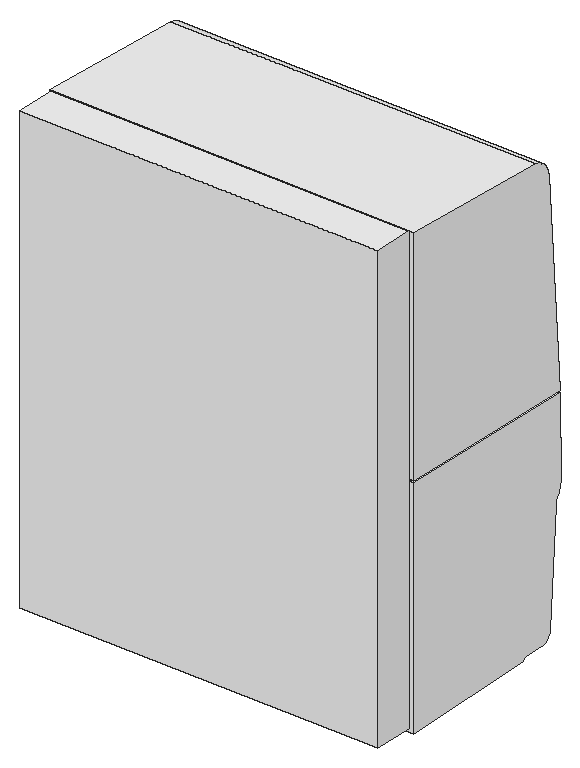
Revit family "Towel dispenser_CWS_Heavy duty", category Plumbing Fixtures, host Wall, Revit 2014
Parameters (values of type "Plastic - IL_Heavy_Duty - CWS")
  Youtube clip = "https://www.youtube.com/watch?v=bXtK16A70kk"
  Width = 387.3 mm
  Weight Net (Kg) = 7.4
  Uniclass 2.0 Description = "Sanitary Dispensing And Disposal Units"
  Uniclass 2.0 Code = "PR-31-76"
  Uniclass 1.4 Description = "Sanitary appliances/fittings"
  Uniclass 1.4 Code = "JN13"
  URL = "http://cws-boco.ie/en-IE/node/16715"
  UNSPSC name = "Sanitary ware"
  UNSPSC Code = "301815"
  Technical description = ""
  Region South America = "None"
  Region Oceania = "None"
  Region North America = "None"
  Region Middle East = "None"
  Region Europe = "AT, BE, BG, CH, CZ, DE, HR, HU, IE, IT, LI, LU, NL, PL, RO, SE, SI, SK, VA"
  Region Asia = "CN"
  Region Antarctica = "None"
  Region Africa = "None"
  QR code = "http://bimobject.com/cws-boco/product/102000"
  Product group = "Cotton towel dispenser"
  Product family = "CWS IndustryLine"
  Product data url = "http://bimobject.com/cws-boco/product/102000"
  Product certification = "http://www.cws-boco.de/sites/default/files/product/attachment/068w0000002GxKtAAK_1439286774.pdf"
  Product SKU = "102000"
  Product Guid = "b46cc673-2084-4b95-b05e-c9a4dcd23b0c"
  Nominal width = 387
  Nominal height = 476
  NBS Reference Description = "Sanitary Dispensing And Disposal Units"
  NBS Reference Code = "31-76"
  Material = Plastic - IL_Heavy_Duty - CWS
  Manufacturer url = "http://cws-boco.ie/en-IE/"
  Manufacturer name = "CWS-boco"
  Manufacturer country = "Switzerland"
  Installation instructions = ""
  IFC Classification = "Furniture"
  Height = 476.1 mm
  Edition number = 1
  EAN code = "4049657003534"
  Design country = "Switzerland"
  Description = "Heavy Duty cotton towel dispenser for a cotton towel roll measuring 40 × 0.27 m with 30 cm towel feed. Plastic gears with automatic dosing and uncoupling systems and backstop. White-red fill-level display on the front. Housing made of impact-proof, anti-static plastic, with lock. Rounded edges ensure no risk of injury. Comes complete with fastening materials, delivery and installation, without cotton towel roll (available to rent on subscription).\r\n\r\nDispenser:\r\nHeavy Duty: 102000\r\n\r\nCotton towel rolls:\r\nUniversal white: 151000, Universal blue: 152000"
  Deapth = 259 mm
  Date of publishing = "2015-09-17"
  COBIe Type Category = ""
  BIMobject category = "Dispensers"
Reference planes
  plane 1 "Wall": y = 0
  plane 2 "Center (Left/Right)": x = 125
  plane 3 "Back": y = 75
Text (mm)
  text "Placement Side" at (-1848.837, 1116.779, 0), in view "Ref. Level"
  text "Placement side" at (0, 1409.804, 2854.306), in view "Left"
  text "Placement side" at (0, 499.811, 2980.732), in view "Right"
Dimensions and locks
  locked: plane 3 "Back" to host wall
  aligned and locked: plane 1 "Wall" to host wall
Nested families
  nested 1: "PB-102000-IL_Heavy_Duty-C" at (0, 0, 0), type "Plastic - IL_Heavy_Duty - CWS"
Definition of nested family "PB-102000-IL_Heavy_Duty-C"
  Parameters (values of type "Plastic - IL_Heavy_Duty - CWS")
    Width = 387.3 mm
    Material Main = Plastic - IL_Heavy_Duty - CWS
    Material = Plastic - IL_Heavy_Duty - CWS
    Logo Material = Logo Material
    Height = 476.1 mm
    Deapth = 259 mm
  Reference planes
    plane 1 "Wall": y = 0
    plane 2 "Center (Left/Right)": x = 125
    plane 3 "Back": y = 75
    plane 4: x = 318.65
    plane 5: x = -68.65
    plane 6: y = 334
    plane 7: z = 476.53
    plane 8: z = 0.43
    plane 9: y = 117.007
    plane 10: x = 125
    plane 11: x = 318.65
    plane 12: x = -68.65
    plane 13: y = 334
    plane 14: z = 476.53
    plane 15: z = 0.43
    plane 16: y = 117.007
  Forms (mm)
    Extrusion 1, solid, material "Plastic - IL_Heavy_Duty - CWS" <- "Material", detail levels medium+fine
      sketch origin (125, 0, -373.083) x (0, 1, 0) y (0, 0, 1)
        loop
          line (117.007, 848.977) -> (117.007, 372.1) -> (261.912, 377.161)
          arc (261.912, 377.161) -> (263.517, 379.289) -> (266.057, 380.097) r 4.394
          line (266.057, 380.097) -> (286.336, 380.097)
          arc (286.336, 380.097) -> (294.082, 383.148) -> (297.666, 390.663) r 11.358
          line (297.666, 390.663) -> (305.804, 507.029)
          arc (305.804, 507.029) -> (306.227, 510.059) -> (307.066, 513.001) r 22.109
          arc (307.066, 513.001) -> (310.747, 519.642) -> (312.196, 527.096) r 24.271
          line (312.196, 527.096) -> (310.699, 611.266) -> (308.827, 611.266) -> (308.827, 613.249) -> (310.787, 613.774) -> (296.363, 825.604)
          arc (296.363, 825.604) -> (290.93, 837.683) -> (278.939, 843.308) r 19.067
          arc (278.939, 843.308) -> (198.042, 848.125) -> (117.007, 848.977) r 1656.077
      from -193.65 to 193.65
    Extrusion 2, solid, material "Plastic - IL_Heavy_Duty - CWS" <- "Material", detail levels fine
      sketch origin (125, 0, -357.458) x (0, 1, 0) y (0, 0, 1)
        loop
          line (307.549, 546.212) -> (317.706, 556.96)
          arc (317.706, 556.96) -> (319.02, 560.828) -> (322.418, 563.095) r 6.35
          line (322.418, 563.095) -> (329.703, 566.077)
          arc (329.703, 566.077) -> (332.929, 569.219) -> (332.601, 573.71) r 5.334
          arc (332.601, 573.71) -> (321.394, 593.446) -> (309.882, 613.007) r 1465.122
          line (309.882, 613.007) -> (307.549, 546.212)
      from 147.961 to -148.26
    Extrusion 3, void
      sketch origin (0, 0, -355.583) x (1, 0, 0) y (0, 1, 0)
        loop
          arc (227.337, 337.638) -> (249.46, 322.714) -> (274.937, 314.775) r 91.906
          line (274.937, 314.775) -> (280.254, 314.775) -> (280.254, 337.638) -> (227.337, 337.638)
      from 541.644 to 621.565
    Extrusion 4, void
      sketch origin (250, 0, -355.583) x (-1, 0, 0) y (0, -1, 0)
        loop
          line (227.337, -337.638) -> (280.254, -337.638) -> (280.254, -314.775) -> (274.937, -314.775)
          arc (274.937, -314.775) -> (249.46, -322.714) -> (227.337, -337.638) r 91.906
      from 541.644 to 621.565
    Extrusion 5, solid, material "Plastic - IL_Heavy_Duty - CWS" <- "Material", detail levels medium+fine
      sketch origin (0, 0, -373.083) x (1, 0, 0) y (0, 1, 0)
        loop
          line (-66.289, 75) -> (313.789, 75) -> (313.789, 117.007) -> (-66.289, 117.007) -> (-66.289, 75)
      from 374.888 to 848.977
    Extrusion 6, void
      sketch origin (125, 0, -373.083) x (0, 1, 0) y (0, 0, 1)
        loop
          line (117.007, 475.318) -> (117.007, 355.583) -> (216.741, 355.583) -> (216.741, 375.583)
          arc (216.741, 375.583) -> (146.218, 404.795) -> (117.007, 475.318) r 99.735
      from -170.72 to 173.858
    Blend 7, solid, material "Plastic - IL_Heavy_Duty - CWS" <- "Material", detail levels fine
      base sketch origin (-1.25, 75, -356.833) x (1, 0, 0) y (0, 0, 1)
        loop
          line (147.141, 556.96) -> (104.983, 556.96) -> (104.983, 529.011)
          arc (104.983, 529.011) -> (107.912, 521.94) -> (114.983, 519.011) r 10
          line (114.983, 519.011) -> (137.141, 519.011)
          arc (137.141, 519.011) -> (144.212, 521.94) -> (147.141, 529.011) r 10
          line (147.141, 529.011) -> (147.141, 556.96)
      top sketch origin (-1.25, 75, -356.833) x (1, 0, 0) y (0, 0, 1)
        loop
          line (137.141, 556.96) -> (114.983, 556.96) -> (114.983, 534.011)
          arc (114.983, 534.011) -> (116.448, 530.476) -> (119.983, 529.011) r 5
          line (119.983, 529.011) -> (132.141, 529.011)
          arc (132.141, 529.011) -> (135.676, 530.476) -> (137.141, 534.011) r 5
          line (137.141, 534.011) -> (137.141, 556.96)
      from -233.827 to -242.796
    Extrusion 8, solid, material "Plastic - IL_Heavy_Duty - CWS" <- "Material", detail levels fine
      sketch origin (0, 75, -355.583) x (1, 0, 0) y (0, 0, 1)
        loop
          circle (124.299, 545.731) r 9.422
      from -233.827 to -245.551
    Extrusion 9, void, detail levels fine
      sketch origin (0, 0, -355.583) x (1, 0, 0) y (0, 0, 1)
        loop
          line (123.606, 547.692) -> (123.606, 543.92) -> (125.859, 543.857) -> (125.891, 546.34) -> (125.818, 547.737) -> (125.274, 549.766) -> (123.691, 549.76) -> (123.939, 548.797) -> (123.606, 547.692)
      from -308.827 to -334
    Extrusion 10, void
      sketch origin (125, 0, 1.805) x (0, 1, 0) y (0, 0, 1)
        loop
          line (308.827, 238.361) -> (117, 238.361) -> (117, 236.378) -> (308.827, 236.378) -> (308.827, 238.361)
      from 188.789 to 193.65
    Extrusion 11, void
      sketch origin (125, 0, 1.805) x (0, 1, 0) y (0, 0, -1)
        loop
          line (308.827, -238.361) -> (308.827, -236.378) -> (117, -236.378) -> (117, -238.361) -> (308.827, -238.361)
      from 188.789 to 193.65
    Extrusion 12, solid, material "Plastic - IL_Heavy_Duty - CWS" <- "Material", detail levels coarse
      sketch origin (0, 0, 0) x (1, 0, 0) y (0, 1, 0)
        loop
          line (-68.65, 334) -> (-68.65, 75) -> (318.65, 75) -> (318.65, 334) -> (-68.65, 334)
      from 0 to 476.53
    Extrusion 13, solid, material "Logo Material" <- "Logo Material", detail levels fine
      sketch origin (-1.25, 75, 60) x (1, 0, 0) y (0, 0, 1)
        loop
          line (143.961, 322.614) -> (143.961, 317.614) -> (165.708, 317.614)
          arc (165.708, 317.614) -> (169.642, 313.68) -> (165.708, 309.747) r 3.934
          line (165.708, 309.747) -> (144.199, 309.747) -> (144.199, 304.873) -> (165.76, 304.873)
          arc (165.76, 304.873) -> (174.631, 313.744) -> (165.76, 322.614) r 8.87
          line (165.76, 322.614) -> (143.961, 322.614)
        loop
          line (142.291, 322.614) -> (136.696, 322.614) -> (136.696, 311.412) -> (126.25, 322.614) -> (119.034, 322.614) -> (119.034, 312.612) -> (109.707, 322.614) -> (102.647, 322.614) -> (117.534, 304.873) -> (124.835, 304.873) -> (124.835, 315.844) -> (135.065, 304.873) -> (142.291, 304.873) -> (142.291, 322.614)
        loop
          line (73.621, 322.614) -> (73.621, 317.614) -> (97.859, 317.614)
          arc (97.859, 317.614) -> (98.811, 316.662) -> (97.859, 315.71) r 0.952
          line (97.859, 315.71) -> (78.377, 315.71)
          arc (78.377, 315.71) -> (72.959, 310.291) -> (78.377, 304.873) r 5.418
          line (78.377, 304.873) -> (103.559, 304.873) -> (103.559, 309.638) -> (79.218, 309.638)
          arc (79.218, 309.638) -> (78.496, 310.359) -> (79.218, 311.081) r 0.721
          line (79.218, 311.081) -> (98.884, 311.081)
          arc (98.884, 311.081) -> (104.651, 316.847) -> (98.884, 322.614) r 5.767
          line (98.884, 322.614) -> (73.621, 322.614)
      from -229.932 to -221.389
    Extrusion 14, void, detail levels fine
      sketch origin (125, 0, 0) x (0, 1, 0) y (0, 0, 1)
        loop
          line (304.492, 340.494) -> (307.233, 340.494) -> (307.233, 387.506) -> (301.291, 387.506) -> (304.492, 340.494)
      from -57.459 to 56.875
    Extrusion 15, solid, material "Plastic - IL_Heavy_Duty - CWS" <- "Material", not visible, detail levels medium+fine
      sketch origin (125, 0, -373.083) x (0, 1, 0) y (0, 0, 1)
        loop
          line (117.007, 848.977) -> (117.007, 372.1) -> (261.912, 377.161)
          arc (261.912, 377.161) -> (263.517, 379.289) -> (266.057, 380.097) r 4.394
          line (266.057, 380.097) -> (286.336, 380.097)
          arc (286.336, 380.097) -> (294.082, 383.148) -> (297.666, 390.663) r 11.358
          line (297.666, 390.663) -> (305.804, 507.029)
          arc (305.804, 507.029) -> (306.227, 510.059) -> (307.066, 513.001) r 22.109
          arc (307.066, 513.001) -> (310.747, 519.642) -> (312.196, 527.096) r 24.271
          line (312.196, 527.096) -> (310.699, 611.266) -> (308.827, 611.266) -> (308.827, 613.249) -> (310.787, 613.774) -> (296.363, 825.604)
          arc (296.363, 825.604) -> (290.93, 837.683) -> (278.939, 843.308) r 19.067
          arc (278.939, 843.308) -> (198.042, 848.125) -> (117.007, 848.977) r 1656.077
      from -193.65 to 193.65
    Extrusion 16, solid, material "Plastic - IL_Heavy_Duty - CWS" <- "Material", not visible, detail levels medium+fine
      sketch origin (125, 0, -357.458) x (0, 1, 0) y (0, 0, 1)
        loop
          line (307.549, 546.212) -> (317.706, 556.96)
          arc (317.706, 556.96) -> (319.02, 560.828) -> (322.418, 563.095) r 6.35
          line (322.418, 563.095) -> (329.703, 566.077)
          arc (329.703, 566.077) -> (332.929, 569.219) -> (332.601, 573.71) r 5.334
          arc (332.601, 573.71) -> (321.394, 593.446) -> (309.882, 613.007) r 1465.122
          line (309.882, 613.007) -> (307.549, 546.212)
      from 147.961 to -148.26
    Extrusion 17, void, not visible
      sketch origin (0, 0, -355.583) x (1, 0, 0) y (0, 1, 0)
        loop
          arc (227.337, 337.638) -> (249.46, 322.714) -> (274.937, 314.775) r 91.906
          line (274.937, 314.775) -> (280.254, 314.775) -> (280.254, 337.638) -> (227.337, 337.638)
      from 541.644 to 621.565
    Extrusion 18, void, not visible
      sketch origin (250, 0, -355.583) x (-1, 0, 0) y (0, -1, 0)
        loop
          line (227.337, -337.638) -> (280.254, -337.638) -> (280.254, -314.775) -> (274.937, -314.775)
          arc (274.937, -314.775) -> (249.46, -322.714) -> (227.337, -337.638) r 91.906
      from 541.644 to 621.565
    Extrusion 19, solid, material "Plastic - IL_Heavy_Duty - CWS" <- "Material", not visible, detail levels medium+fine
      sketch origin (0, 0, -373.083) x (1, 0, 0) y (0, 1, 0)
        loop
          line (-66.289, 75) -> (313.789, 75) -> (313.789, 117.007) -> (-66.289, 117.007) -> (-66.289, 75)
      from 374.888 to 848.977
    Extrusion 20, void, not visible
      sketch origin (125, 0, -373.083) x (0, 1, 0) y (0, 0, 1)
        loop
          line (117.007, 475.318) -> (117.007, 355.583) -> (216.741, 355.583) -> (216.741, 375.583)
          arc (216.741, 375.583) -> (146.218, 404.795) -> (117.007, 475.318) r 99.735
      from -170.72 to 173.858
    Blend 21, solid, material "Plastic - IL_Heavy_Duty - CWS" <- "Material", not visible, detail levels medium+fine
      base sketch origin (-1.25, 75, -356.833) x (1, 0, 0) y (0, 0, 1)
        loop
          line (147.141, 556.96) -> (104.983, 556.96) -> (104.983, 529.011)
          arc (104.983, 529.011) -> (107.912, 521.94) -> (114.983, 519.011) r 10
          line (114.983, 519.011) -> (137.141, 519.011)
          arc (137.141, 519.011) -> (144.212, 521.94) -> (147.141, 529.011) r 10
          line (147.141, 529.011) -> (147.141, 556.96)
      top sketch origin (-1.25, 75, -356.833) x (1, 0, 0) y (0, 0, 1)
        loop
          line (137.141, 556.96) -> (114.983, 556.96) -> (114.983, 534.011)
          arc (114.983, 534.011) -> (116.448, 530.476) -> (119.983, 529.011) r 5
          line (119.983, 529.011) -> (132.141, 529.011)
          arc (132.141, 529.011) -> (135.676, 530.476) -> (137.141, 534.011) r 5
          line (137.141, 534.011) -> (137.141, 556.96)
      from -233.827 to -242.796
    Extrusion 22, solid, material "Plastic - IL_Heavy_Duty - CWS" <- "Material", not visible, detail levels medium+fine
      sketch origin (0, 75, -355.583) x (1, 0, 0) y (0, 0, 1)
        loop
          circle (124.299, 545.731) r 9.422
      from -233.827 to -245.551
    Extrusion 23, void, not visible
      sketch origin (0, 0, -355.583) x (1, 0, 0) y (0, 0, 1)
        loop
          line (123.606, 547.692) -> (123.606, 543.92) -> (125.859, 543.857) -> (125.891, 546.34) -> (125.818, 547.737) -> (125.274, 549.766) -> (123.691, 549.76) -> (123.939, 548.797) -> (123.606, 547.692)
      from -308.827 to -334
    Extrusion 24, void, not visible
      sketch origin (125, 0, 1.805) x (0, 1, 0) y (0, 0, 1)
        loop
          line (308.827, 238.361) -> (117, 238.361) -> (117, 236.378) -> (308.827, 236.378) -> (308.827, 238.361)
      from 188.789 to 193.65
    Extrusion 25, void, not visible
      sketch origin (125, 0, 1.805) x (0, 1, 0) y (0, 0, -1)
        loop
          line (308.827, -238.361) -> (308.827, -236.378) -> (117, -236.378) -> (117, -238.361) -> (308.827, -238.361)
      from 188.789 to 193.65
    Extrusion 26, solid, material "Plastic - IL_Heavy_Duty - CWS" <- "Material", not visible, detail levels coarse
      sketch origin (0, 0, 0) x (1, 0, 0) y (0, 1, 0)
        loop
          line (-68.65, 334) -> (-68.65, 75) -> (318.65, 75) -> (318.65, 334) -> (-68.65, 334)
      from 0 to 476.53
    Extrusion 27, solid, material "Plastic - IL_Heavy_Duty - CWS" <- "Material Main", not visible, detail levels medium+fine
      sketch origin (-1.25, 75, 60) x (1, 0, 0) y (0, 0, 1)
        loop
          line (96.71, 303.688) -> (96.71, 300.123) -> (103.426, 300.123) -> (104.508, 299.833)
          arc (104.508, 299.833) -> (105.239, 299.102) -> (104.971, 298.102) r 1.035
          line (104.971, 298.102) -> (102.557, 295.688) -> (98.276, 294.297) -> (96.043, 292.287) -> (95.511, 290.301)
          arc (95.511, 290.301) -> (95.361, 289.073) -> (95.554, 287.85) r 4.447
          line (95.554, 287.85) -> (96.157, 285.879) -> (98.855, 283.694) -> (103.103, 283.097) -> (111.086, 283.097) -> (111.086, 286.522) -> (103.095, 286.522) -> (101.452, 286.962)
          arc (101.452, 286.962) -> (99.773, 289.151) -> (101.452, 291.339) r 2.266
          line (101.452, 291.339) -> (104.076, 292.042) -> (106.491, 293.067)
          arc (106.491, 293.067) -> (109.737, 298.577) -> (105.417, 303.292) r 5.376
          line (105.417, 303.292) -> (103.383, 303.688) -> (96.71, 303.688)
        loop
          line (139.716, 296.434) -> (143.784, 296.434)
          arc (143.784, 296.434) -> (154.535, 293.748) -> (143.784, 291.062) r 5.711
          line (143.784, 291.062) -> (139.716, 291.062)
          arc (139.716, 291.062) -> (158.802, 293.748) -> (139.716, 296.434) r 9.732
        loop
          line (138.595, 303.305) -> (134.675, 303.305) -> (131.424, 290.266) -> (127.93, 303.305) -> (122.93, 303.305) -> (119.311, 288.793) -> (116.491, 303.305) -> (112.301, 303.305) -> (117.66, 283.305) -> (121.698, 283.305) -> (125.173, 297.242) -> (129.473, 283.305) -> (133.609, 283.305) -> (138.595, 303.305)
      from -229.932 to -221.389
    Extrusion 28, void, not visible
      sketch origin (125, 0, 0) x (0, 1, 0) y (0, 0, 1)
        loop
          line (304.492, 340.494) -> (307.233, 340.494) -> (307.233, 366.379) -> (302.73, 366.379) -> (304.492, 340.494)
      from -34.415 to 40.827
    Extrusion 29, solid, material "Plastic - IL_Heavy_Duty - CWS" <- "Material", not visible, detail levels medium+fine
      sketch origin (125, 0, -373.083) x (0, 1, 0) y (0, 0, 1)
        loop
          line (117.007, 848.977) -> (117.007, 372.1) -> (261.912, 377.161)
          arc (261.912, 377.161) -> (263.517, 379.289) -> (266.057, 380.097) r 4.394
          line (266.057, 380.097) -> (286.336, 380.097)
          arc (286.336, 380.097) -> (294.082, 383.148) -> (297.666, 390.663) r 11.358
          line (297.666, 390.663) -> (305.804, 507.029)
          arc (305.804, 507.029) -> (306.227, 510.059) -> (307.066, 513.001) r 22.109
          arc (307.066, 513.001) -> (310.747, 519.642) -> (312.196, 527.096) r 24.271
          line (312.196, 527.096) -> (310.699, 611.266) -> (308.827, 611.266) -> (308.827, 613.249) -> (310.787, 613.774) -> (296.363, 825.604)
          arc (296.363, 825.604) -> (290.93, 837.683) -> (278.939, 843.308) r 19.067
          arc (278.939, 843.308) -> (198.042, 848.125) -> (117.007, 848.977) r 1656.077
      from -193.65 to 193.65
    Extrusion 30, solid, material "Plastic - IL_Heavy_Duty - CWS" <- "Material", not visible, detail levels fine
      sketch origin (125, 0, -357.458) x (0, 1, 0) y (0, 0, 1)
        loop
          line (307.549, 546.212) -> (317.706, 556.96)
          arc (317.706, 556.96) -> (319.02, 560.828) -> (322.418, 563.095) r 6.35
          line (322.418, 563.095) -> (329.703, 566.077)
          arc (329.703, 566.077) -> (332.929, 569.219) -> (332.601, 573.71) r 5.334
          arc (332.601, 573.71) -> (321.394, 593.446) -> (309.882, 613.007) r 1465.122
          line (309.882, 613.007) -> (307.549, 546.212)
      from 147.961 to -148.26
    Extrusion 31, void, not visible
      sketch origin (0, 0, -355.583) x (1, 0, 0) y (0, 1, 0)
        loop
          arc (227.337, 337.638) -> (249.46, 322.714) -> (274.937, 314.775) r 91.906
          line (274.937, 314.775) -> (280.254, 314.775) -> (280.254, 337.638) -> (227.337, 337.638)
      from 541.644 to 621.565
    Extrusion 32, void, not visible
      sketch origin (250, 0, -355.583) x (-1, 0, 0) y (0, -1, 0)
        loop
          line (227.337, -337.638) -> (280.254, -337.638) -> (280.254, -314.775) -> (274.937, -314.775)
          arc (274.937, -314.775) -> (249.46, -322.714) -> (227.337, -337.638) r 91.906
      from 541.644 to 621.565
    Extrusion 33, solid, material "Plastic - IL_Heavy_Duty - CWS" <- "Material", not visible, detail levels medium+fine
      sketch origin (0, 0, -373.083) x (1, 0, 0) y (0, 1, 0)
        loop
          line (-66.289, 75) -> (313.789, 75) -> (313.789, 117.007) -> (-66.289, 117.007) -> (-66.289, 75)
      from 374.888 to 848.977
    Extrusion 34, void, not visible
      sketch origin (125, 0, -373.083) x (0, 1, 0) y (0, 0, 1)
        loop
          line (117.007, 475.318) -> (117.007, 355.583) -> (216.741, 355.583) -> (216.741, 375.583)
          arc (216.741, 375.583) -> (146.218, 404.795) -> (117.007, 475.318) r 99.735
      from -170.72 to 173.858
    Blend 35, solid, material "Plastic - IL_Heavy_Duty - CWS" <- "Material", not visible, detail levels fine
      base sketch origin (-1.25, 75, -356.833) x (1, 0, 0) y (0, 0, 1)
        loop
          line (147.141, 556.96) -> (104.983, 556.96) -> (104.983, 529.011)
          arc (104.983, 529.011) -> (107.912, 521.94) -> (114.983, 519.011) r 10
          line (114.983, 519.011) -> (137.141, 519.011)
          arc (137.141, 519.011) -> (144.212, 521.94) -> (147.141, 529.011) r 10
          line (147.141, 529.011) -> (147.141, 556.96)
      top sketch origin (-1.25, 75, -356.833) x (1, 0, 0) y (0, 0, 1)
        loop
          line (137.141, 556.96) -> (114.983, 556.96) -> (114.983, 534.011)
          arc (114.983, 534.011) -> (116.448, 530.476) -> (119.983, 529.011) r 5
          line (119.983, 529.011) -> (132.141, 529.011)
          arc (132.141, 529.011) -> (135.676, 530.476) -> (137.141, 534.011) r 5
          line (137.141, 534.011) -> (137.141, 556.96)
      from -233.827 to -242.796
    Extrusion 36, solid, material "Plastic - IL_Heavy_Duty - CWS" <- "Material", not visible, detail levels fine
      sketch origin (0, 75, -355.583) x (1, 0, 0) y (0, 0, 1)
        loop
          circle (124.299, 545.731) r 9.422
      from -233.827 to -245.551
    Extrusion 37, void, not visible, detail levels fine
      sketch origin (0, 0, -355.583) x (1, 0, 0) y (0, 0, 1)
        loop
          line (123.606, 547.692) -> (123.606, 543.92) -> (125.859, 543.857) -> (125.891, 546.34) -> (125.818, 547.737) -> (125.274, 549.766) -> (123.691, 549.76) -> (123.939, 548.797) -> (123.606, 547.692)
      from -308.827 to -334
    Extrusion 38, void, not visible
      sketch origin (125, 0, 1.805) x (0, 1, 0) y (0, 0, 1)
        loop
          line (308.827, 238.361) -> (117, 238.361) -> (117, 236.378) -> (308.827, 236.378) -> (308.827, 238.361)
      from 188.789 to 193.65
    Extrusion 39, void, not visible
      sketch origin (125, 0, 1.805) x (0, 1, 0) y (0, 0, -1)
        loop
          line (308.827, -238.361) -> (308.827, -236.378) -> (117, -236.378) -> (117, -238.361) -> (308.827, -238.361)
      from 188.789 to 193.65
    Extrusion 40, solid, material "Plastic - IL_Heavy_Duty - CWS" <- "Material", not visible, detail levels coarse
      sketch origin (0, 0, 0) x (1, 0, 0) y (0, 1, 0)
        loop
          line (-68.65, 334) -> (-68.65, 75) -> (318.65, 75) -> (318.65, 334) -> (-68.65, 334)
      from 0 to 476.53
    Extrusion 41, solid, material "Logo Material" <- "Logo Material", not visible, detail levels fine
      sketch origin (-1.25, 75, 60) x (1, 0, 0) y (0, 0, 1)
        loop
          line (143.961, 322.614) -> (143.961, 317.614) -> (165.708, 317.614)
          arc (165.708, 317.614) -> (169.642, 313.68) -> (165.708, 309.747) r 3.934
          line (165.708, 309.747) -> (144.199, 309.747) -> (144.199, 304.873) -> (165.76, 304.873)
          arc (165.76, 304.873) -> (174.631, 313.744) -> (165.76, 322.614) r 8.87
          line (165.76, 322.614) -> (143.961, 322.614)
        loop
          line (142.291, 322.614) -> (136.696, 322.614) -> (136.696, 311.412) -> (126.25, 322.614) -> (119.034, 322.614) -> (119.034, 312.612) -> (109.707, 322.614) -> (102.647, 322.614) -> (117.534, 304.873) -> (124.835, 304.873) -> (124.835, 315.844) -> (135.065, 304.873) -> (142.291, 304.873) -> (142.291, 322.614)
        loop
          line (73.621, 322.614) -> (73.621, 317.614) -> (97.859, 317.614)
          arc (97.859, 317.614) -> (98.811, 316.662) -> (97.859, 315.71) r 0.952
          line (97.859, 315.71) -> (78.377, 315.71)
          arc (78.377, 315.71) -> (72.959, 310.291) -> (78.377, 304.873) r 5.418
          line (78.377, 304.873) -> (103.559, 304.873) -> (103.559, 309.638) -> (79.218, 309.638)
          arc (79.218, 309.638) -> (78.496, 310.359) -> (79.218, 311.081) r 0.721
          line (79.218, 311.081) -> (98.884, 311.081)
          arc (98.884, 311.081) -> (104.651, 316.847) -> (98.884, 322.614) r 5.767
          line (98.884, 322.614) -> (73.621, 322.614)
      from -229.932 to -221.389
    Extrusion 42, void, not visible, detail levels fine
      sketch origin (125, 0, 0) x (0, 1, 0) y (0, 0, 1)
        loop
          line (304.492, 340.494) -> (307.233, 340.494) -> (307.233, 387.506) -> (301.291, 387.506) -> (304.492, 340.494)
      from -57.459 to 56.875
  Cuts and joins
    Extrusion 4, Extrusion 6, Extrusion 10, Extrusion 11 cuts Extrusion 1
    Extrusion 3, Extrusion 4 cuts Extrusion 2
    Extrusion 6 cuts Extrusion 5
    Extrusion 9 cuts Blend 7
    Extrusion 9 cuts Extrusion 8
    Extrusion 14 cuts Extrusion 13
  Lines and regions (mm)
    symbolic lines
      curve 1: line (-66.289, 75, 0) -> (-65.664, 110.78, 0)
      curve 2: line (-65.664, 110.78, 0) -> (-68.551, 110.831, 0)
      curve 3: line (-68.551, 110.831, 0) -> (-68.767, 117.007, 0)
      curve 4: line (-68.767, 117.007, 0) -> (-70.083, 117.007, 0)
      curve 5: line (-70.083, 117.007, 0) -> (-62.938, 306.258, 0)
      curve 6: arc (-62.938, 306.258, 0) -> (-59.932, 312.682, 0) -> (-53.23, 315, 0) r 9.106
      curve 7: line (-53.23, 315, 0) -> (-24.826, 315, 0)
      curve 8: arc (-24.826, 315, 0) -> (-3.847, 321.812, 0) -> (15.39, 332.601, 0) r 112.06
      curve 9: arc (15.39, 332.601, 0) -> (18.066, 333.819, 0) -> (21, 334, 0) r 8.092
      curve 10: line (21, 334, 0) -> (123.75, 334, 0)
      curve 11: line (313.789, 75, 0) -> (313.164, 110.78, 0)
      curve 12: line (313.164, 110.78, 0) -> (316.051, 110.831, 0)
      curve 13: line (316.051, 110.831, 0) -> (316.267, 117.007, 0)
      curve 14: line (316.267, 117.007, 0) -> (317.583, 117.007, 0)
      curve 15: line (317.583, 117.007, 0) -> (310.438, 306.258, 0)
      curve 16: arc (310.438, 306.258, 0) -> (307.432, 312.682, 0) -> (300.73, 315, 0) r 9.106
      curve 17: line (300.73, 315, 0) -> (272.326, 315, 0)
      curve 18: arc (272.326, 315, 0) -> (251.347, 321.812, 0) -> (232.11, 332.601, 0) r 112.06
      curve 19: arc (232.11, 332.601, 0) -> (229.434, 333.819, 0) -> (226.5, 334, 0) r 8.092
      curve 20: line (226.5, 334, 0) -> (123.75, 334, 0)
      curve 21: line (-66.289, 75, 0) -> (313.789, 75, 0)
      curve 42: line (125, 75, 476.589) -> (125, 117.007, 476.589)
      curve 43: arc (125, 277.72, 471.022) -> (125, 197.431, 475.758) -> (125, 117.007, 476.589) r 1656.077
      curve 44: arc (125, 296.389, 452.836) -> (125, 290.423, 465.388) -> (125, 277.72, 471.022) r 20
      curve 45: line (125, 309.7, 257.345) -> (125, 296.389, 452.836)
      curve 46: line (125, 308.827, 257.111) -> (125, 309.7, 257.345)
      curve 47: line (125, 308.827, 255.128) -> (125, 308.827, 257.111)
      curve 48: line (125, 310.701, 255.128) -> (125, 308.827, 255.128)
      curve 49: line (125, 310.701, 255.128) -> (125, 310.701, 253.624)
      curve 50: arc (125, 332.601, 215.697) -> (125, 321.355, 235.501) -> (125, 309.802, 255.128) r 1465.122
      curve 51: arc (125, 329.703, 208.064) -> (125, 332.929, 211.206) -> (125, 332.601, 215.697) r 5.334
      curve 52: line (125, 322.418, 205.083) -> (125, 329.703, 208.064)
      curve 53: arc (125, 317.706, 198.948) -> (125, 319.02, 202.815) -> (125, 322.418, 205.083) r 6.35
      curve 54: line (125, 317.706, 198.948) -> (125, 320.551, 198.948)
      curve 55: line (125, 320.551, 198.948) -> (125, 320.551, 166.421)
      curve 56: line (125, 320.551, 166.421) -> (125, 317.796, 166.421)
      curve 57: line (125, 317.796, 166.421) -> (125, 317.796, 157.873)
      curve 58: line (125, 317.796, 157.873) -> (125, 310.915, 150.231)
      curve 59: arc (125, 307.066, 143.113) -> (125, 309.289, 146.51) -> (125, 310.915, 150.231) r 24.271
      curve 60: arc (125, 305.803, 137.14) -> (125, 306.227, 140.17) -> (125, 307.066, 143.113) r 22.109
      curve 61: line (125, 297.498, 18.275) -> (125, 305.803, 137.14)
      curve 62: arc (125, 286.168, 7.709) -> (125, 293.914, 10.761) -> (125, 297.498, 18.275) r 11.358
      curve 63: line (125, 266.064, 7.709) -> (125, 286.168, 7.709)
      curve 64: arc (125, 261.918, 4.773) -> (125, 263.524, 6.901) -> (125, 266.064, 7.709) r 4.394
      curve 65: line (125, 117.007, -0.288) -> (125, 261.918, 4.773)
      curve 66: line (125, 117.007, 2.5) -> (125, 117.007, -0.288)
      curve 67: line (125, 75, 2.5) -> (125, 117.007, 2.5)
      curve 68: line (125, 75, 2.5) -> (125, 75, 476.589)
      curve 78: line (318.65, 0, -0.288) -> (318.65, 0, 476.53)
      curve 79: line (318.65, 0, -0.288) -> (298.858, 0, -0.288)
      curve 80: line (298.858, 0, -0.288) -> (298.858, 0, 0)
      curve 81: line (298.858, 0, 0) -> (-45.72, 0, 0)
      curve 82: line (-45.72, 0, 0) -> (-45.72, 0, -0.288)
      curve 83: line (-45.72, 0, -0.288) -> (-68.65, 0, -0.288)
      curve 84: line (-68.65, 0, -0.288) -> (-68.65, 0, 476.53)
      curve 85: line (318.65, 0, 476.53) -> (-68.65, 0, 476.53)
    symbolic lines, detail levels medium+fine
      curve 22: line (-62.938, 306.258, 0) -> (310.438, 306.258, 0)
      curve 23: line (316.267, 117.007, 0) -> (-68.767, 117.007, 0)
      curve 40: line (-64.015, 277.724, 0) -> (311.515, 277.724, 0)
      curve 41: line (-63.311, 296.389, 0) -> (310.811, 296.389, 0)
      curve 69: line (125, 299.202, 411.518) -> (125, 261.912, 411.518)
      curve 70: line (125, 261.912, 411.518) -> (125, 261.912, 401.511)
      curve 71: line (125, 261.912, 401.511) -> (125, 299.884, 401.511)
      curve 72: line (125, 107.66, 476.589) -> (125, 107.66, 471.022)
      curve 73: line (125, 107.66, 471.022) -> (125, 107.66, 452.836)
      curve 74: line (125, 107.66, 452.836) -> (125, 85.012, 452.836)
      curve 75: line (125, 85.012, 452.836) -> (125, 85.012, 476.589)
      curve 76: line (125, 85.012, 476.589) -> (125, 107.66, 476.589)
      curve 77: line (125, 117.007, 476.589) -> (125, 117.007, -0.288)
      curve 86: line (-68.65, 0, 153.458) -> (318.65, 0, 153.458)
      curve 87: line (-68.65, 0, 139.363) -> (318.65, 0, 139.363)
      curve 88: line (-68.65, 0, 2.273) -> (318.65, 0, 2.273)
      curve 89: line (272.961, 0, 189.449) -> (272.961, 0, 256.244)
      curve 90: line (-23.26, 0, 256.244) -> (-23.26, 0, 189.348)
      curve 91: line (272.961, 0, 189.449) -> (135.891, 0, 189.449)
      curve 92: line (113.733, 0, 189.348) -> (-23.26, 0, 189.348)
      curve 93: line (135.891, 0, 200.823) -> (135.891, 0, 177.873)
      curve 94: arc (135.891, 0, 177.873) -> (134.426, 0, 174.338) -> (130.891, 0, 172.873) r 5
      curve 95: line (130.891, 0, 172.873) -> (118.733, 0, 172.873)
      curve 96: arc (118.733, 0, 172.873) -> (115.198, 0, 174.338) -> (113.733, 0, 177.873) r 5
      curve 97: line (113.733, 0, 177.873) -> (113.733, 0, 200.823)
      curve 98: line (113.733, 0, 200.823) -> (135.891, 0, 200.823)
      curve 180: line (221.867, 340, 409.018) -> (221.867, 340, 399.011)
      curve 181: line (221.867, 340, 399.011) -> (247.847, 340, 399.011)
      curve 182: line (247.847, 340, 399.011) -> (247.847, 340, 409.018)
      curve 183: line (247.847, 340, 409.018) -> (221.867, 340, 409.018)
      curve 257: line (272.961, 75, 255.549) -> (-23.26, 75, 255.549)
      curve 258: line (125, 310.699, 149.992) -> (125, 310.699, 238.183)
      curve 259: line (125, 310.701, 253.624) -> (125, 310.701, 240.748)
      curve 260: line (125, 310.701, 240.748) -> (125, 308.526, 240.166)
      curve 261: line (125, 308.526, 240.166) -> (125, 308.526, 238.183)
      curve 262: line (125, 308.526, 238.183) -> (125, 310.699, 238.183)
    symbolic lines, detail levels fine
      curve 24: line (-40.494, 107.653, 0) -> (-40.494, 85.012, 0)
      curve 25: line (-40.494, 85.012, 0) -> (-44.667, 85.012, 0)
      curve 26: line (-44.667, 85.012, 0) -> (-44.667, 110.922, 0)
      curve 27: line (-44.667, 110.922, 0) -> (293.918, 110.922, 0)
      curve 28: line (293.918, 110.922, 0) -> (293.918, 85.012, 0)
      curve 29: line (293.918, 85.012, 0) -> (289.745, 85.012, 0)
      curve 30: line (289.745, 85.012, 0) -> (289.745, 107.653, 0)
      curve 31: line (289.745, 107.653, 0) -> (219.912, 107.653, 0)
      curve 32: line (219.912, 107.653, 0) -> (219.912, 85.012, 0)
      curve 33: line (219.912, 85.012, 0) -> (215.739, 85.012, 0)
      curve 34: line (215.739, 85.012, 0) -> (215.739, 107.653, 0)
      curve 35: line (215.739, 107.653, 0) -> (34.261, 107.653, 0)
      curve 36: line (34.261, 107.653, 0) -> (34.261, 85.012, 0)
      curve 37: line (34.261, 85.012, 0) -> (30.088, 85.012, 0)
      curve 38: line (30.088, 85.012, 0) -> (30.088, 107.653, 0)
      curve 39: line (30.088, 107.653, 0) -> (-40.494, 107.653, 0)
      curve 99: arc (114.878, 0, 190.843) -> (124.299, 0, 181.421) -> (133.721, 0, 190.843) r 9.422
      curve 100: arc (133.721, 0, 190.843) -> (124.299, 0, 200.264) -> (114.878, 0, 190.843) r 9.422
      curve 101: line (123.606, 0, 192.804) -> (123.606, 0, 189.032)
      curve 102: line (123.606, 0, 189.032) -> (125.859, 0, 188.969)
      curve 103: line (125.859, 0, 188.969) -> (125.891, 0, 191.452)
      curve 104: line (125.891, 0, 191.452) -> (125.818, 0, 192.849)
      curve 105: line (125.818, 0, 192.849) -> (125.274, 0, 194.879)
      curve 106: line (125.274, 0, 194.879) -> (123.691, 0, 194.872)
      curve 107: line (123.691, 0, 194.872) -> (123.939, 0, 193.909)
      curve 108: line (123.939, 0, 193.909) -> (123.606, 0, 192.804)
      curve 109: line (-0.082, 0, 206.333) -> (250.082, 0, 206.333)
      curve 110: line (12.639, 0, 209.314) -> (237.361, 0, 209.314)
      curve 111: spline (-23.26, 0, 197.393) -> (-22.321, 0, 197.574) -> (-21.384, 0, 197.766) -> (-20.452, 0, 197.967) -> (-19.524, 0, 198.177) -> (-18.599, 0, 198.397) -> (-17.679, 0, 198.626) -> (-16.764, 0, 198.865) -> (-15.853, 0, 199.113) -> (-14.948, 0, 199.37) -> (-14.047, 0, 199.637) -> (-13.152, 0, 199.913) -> (-12.262, 0, 200.198)
      curve 112: line (-12.262, 0, 200.198) -> (-0.082, 0, 206.333)
      curve 113: spline (-0.082, 0, 206.333) -> (1.026, 0, 206.55) -> (2.126, 0, 206.773) -> (3.218, 0, 207.002) -> (4.301, 0, 207.237) -> (5.376, 0, 207.478) -> (6.441, 0, 207.724) -> (7.498, 0, 207.975) -> (8.546, 0, 208.232) -> (9.584, 0, 208.494) -> (10.612, 0, 208.762) -> (11.63, 0, 209.036) -> (12.639, 0, 209.314)
      curve 114: line (12.639, 0, 209.314) -> (16.64, 0, 216.947)
      curve 115: line (16.64, 0, 216.947) -> (-23.26, 0, 247.539)
      curve 116: line (272.961, 0, 247.449) -> (233.36, 0, 216.947)
      curve 117: line (233.36, 0, 216.947) -> (237.361, 0, 209.314)
      curve 118: spline (237.361, 0, 209.314) -> (238.37, 0, 209.036) -> (239.388, 0, 208.762) -> (240.416, 0, 208.494) -> (241.454, 0, 208.232) -> (242.502, 0, 207.975) -> (243.559, 0, 207.724) -> (244.624, 0, 207.478) -> (245.699, 0, 207.237) -> (246.782, 0, 207.002) -> (247.874, 0, 206.773) -> (248.974, 0, 206.55) -> (250.082, 0, 206.333)
      curve 119: line (250.082, 0, 206.333) -> (262.262, 0, 200.198)
      curve 120: spline (262.262, 0, 200.198) -> (263.128, 0, 199.92) -> (263.999, 0, 199.651) -> (264.876, 0, 199.391) -> (265.757, 0, 199.14) -> (266.643, 0, 198.897) -> (267.534, 0, 198.664) -> (268.428, 0, 198.439) -> (269.327, 0, 198.223) -> (270.23, 0, 198.016) -> (271.137, 0, 197.818) -> (272.047, 0, 197.629) -> (272.961, 0, 197.449)
      curve 162: line (125, 308.827, 240.861) -> (125, 117.007, 240.861)
      curve 163: line (125, 117.007, 476.589) -> (125, 117.007, -0.288)
    symbolic lines, not visible
      curve 121: line (-66.289, 75, 0) -> (-65.664, 110.78, 0)
      curve 122: line (-65.664, 110.78, 0) -> (-68.551, 110.831, 0)
      curve 123: line (-68.551, 110.831, 0) -> (-68.767, 117.007, 0)
      curve 124: line (-68.767, 117.007, 0) -> (-70.083, 117.007, 0)
      curve 125: line (-70.083, 117.007, 0) -> (-62.938, 306.258, 0)
      curve 126: arc (-62.938, 306.258, 0) -> (-59.932, 312.682, 0) -> (-53.23, 315, 0) r 9.106
      curve 127: line (-53.23, 315, 0) -> (-24.826, 315, 0)
      curve 128: arc (-24.826, 315, 0) -> (-3.847, 321.812, 0) -> (15.39, 332.601, 0) r 112.06
      curve 129: arc (15.39, 332.601, 0) -> (18.066, 333.819, 0) -> (21, 334, 0) r 8.092
      curve 130: line (21, 334, 0) -> (123.75, 334, 0)
      curve 131: line (313.789, 75, 0) -> (313.164, 110.78, 0)
      curve 132: line (313.164, 110.78, 0) -> (316.051, 110.831, 0)
      curve 133: line (316.051, 110.831, 0) -> (316.267, 117.007, 0)
      curve 134: line (316.267, 117.007, 0) -> (317.583, 117.007, 0)
      curve 135: line (317.583, 117.007, 0) -> (310.438, 306.258, 0)
      curve 136: arc (310.438, 306.258, 0) -> (307.432, 312.682, 0) -> (300.73, 315, 0) r 9.106
      curve 137: line (300.73, 315, 0) -> (272.326, 315, 0)
      curve 138: arc (272.326, 315, 0) -> (251.347, 321.812, 0) -> (232.11, 332.601, 0) r 112.06
      curve 139: arc (232.11, 332.601, 0) -> (229.434, 333.819, 0) -> (226.5, 334, 0) r 8.092
      curve 140: line (226.5, 334, 0) -> (123.75, 334, 0)
      curve 141: line (-66.289, 75, 0) -> (313.789, 75, 0)
      curve 192: line (-66.289, 75, 0) -> (-65.664, 110.78, 0)
      curve 193: line (-65.664, 110.78, 0) -> (-68.551, 110.831, 0)
      curve 194: line (-68.551, 110.831, 0) -> (-68.767, 117.007, 0)
      curve 195: line (-68.767, 117.007, 0) -> (-70.083, 117.007, 0)
      curve 196: line (-70.083, 117.007, 0) -> (-62.938, 306.258, 0)
      curve 197: arc (-62.938, 306.258, 0) -> (-59.932, 312.682, 0) -> (-53.23, 315, 0) r 9.106
      curve 198: line (-53.23, 315, 0) -> (-24.826, 315, 0)
      curve 199: arc (-24.826, 315, 0) -> (-3.847, 321.812, 0) -> (15.39, 332.601, 0) r 112.06
      curve 200: arc (15.39, 332.601, 0) -> (18.066, 333.819, 0) -> (21, 334, 0) r 8.092
      curve 201: line (21, 334, 0) -> (123.75, 334, 0)
      curve 202: line (313.789, 75, 0) -> (313.164, 110.78, 0)
      curve 203: line (313.164, 110.78, 0) -> (316.051, 110.831, 0)
      curve 204: line (316.051, 110.831, 0) -> (316.267, 117.007, 0)
      curve 205: line (316.267, 117.007, 0) -> (317.583, 117.007, 0)
      curve 206: line (317.583, 117.007, 0) -> (310.438, 306.258, 0)
      curve 207: arc (310.438, 306.258, 0) -> (307.432, 312.682, 0) -> (300.73, 315, 0) r 9.106
      curve 208: line (300.73, 315, 0) -> (272.326, 315, 0)
      curve 209: arc (272.326, 315, 0) -> (251.347, 321.812, 0) -> (232.11, 332.601, 0) r 112.06
      curve 210: arc (232.11, 332.601, 0) -> (229.434, 333.819, 0) -> (226.5, 334, 0) r 8.092
      curve 211: line (226.5, 334, 0) -> (123.75, 334, 0)
      curve 212: line (-66.289, 75, 0) -> (313.789, 75, 0)
      curve 263: line (-66.289, 75, 0) -> (-65.664, 110.78, 0)
      curve 264: line (-65.664, 110.78, 0) -> (-68.551, 110.831, 0)
      curve 265: line (-68.551, 110.831, 0) -> (-68.767, 117.007, 0)
      curve 266: line (-68.767, 117.007, 0) -> (-70.083, 117.007, 0)
      curve 267: line (-70.083, 117.007, 0) -> (-62.938, 306.258, 0)
      curve 268: arc (-62.938, 306.258, 0) -> (-59.932, 312.682, 0) -> (-53.23, 315, 0) r 9.106
      curve 269: line (-53.23, 315, 0) -> (-24.826, 315, 0)
      curve 270: arc (-24.826, 315, 0) -> (-3.847, 321.812, 0) -> (15.39, 332.601, 0) r 112.06
      curve 271: arc (15.39, 332.601, 0) -> (18.066, 333.819, 0) -> (21, 334, 0) r 8.092
      curve 272: line (21, 334, 0) -> (123.75, 334, 0)
      curve 273: line (313.789, 75, 0) -> (313.164, 110.78, 0)
      curve 274: line (313.164, 110.78, 0) -> (316.051, 110.831, 0)
      curve 275: line (316.051, 110.831, 0) -> (316.267, 117.007, 0)
      curve 276: line (316.267, 117.007, 0) -> (317.583, 117.007, 0)
      curve 277: line (317.583, 117.007, 0) -> (310.438, 306.258, 0)
      curve 278: arc (310.438, 306.258, 0) -> (307.432, 312.682, 0) -> (300.73, 315, 0) r 9.106
      curve 279: line (300.73, 315, 0) -> (272.326, 315, 0)
      curve 280: arc (272.326, 315, 0) -> (251.347, 321.812, 0) -> (232.11, 332.601, 0) r 112.06
      curve 281: arc (232.11, 332.601, 0) -> (229.434, 333.819, 0) -> (226.5, 334, 0) r 8.092
      curve 282: line (226.5, 334, 0) -> (123.75, 334, 0)
      curve 283: line (-66.289, 75, 0) -> (313.789, 75, 0)
    symbolic lines, not visible, detail levels medium+fine
      curve 142: line (-62.938, 306.258, 0) -> (310.438, 306.258, 0)
      curve 143: line (316.267, 117.007, 0) -> (-68.767, 117.007, 0)
      curve 160: line (-64.015, 277.724, 0) -> (311.515, 277.724, 0)
      curve 161: line (-63.311, 296.389, 0) -> (310.811, 296.389, 0)
      curve 213: line (-62.938, 306.258, 0) -> (310.438, 306.258, 0)
      curve 214: line (316.267, 117.007, 0) -> (-68.767, 117.007, 0)
      curve 231: line (-64.015, 277.724, 0) -> (311.515, 277.724, 0)
      curve 232: line (-63.311, 296.389, 0) -> (310.811, 296.389, 0)
      curve 284: line (-62.938, 306.258, 0) -> (310.438, 306.258, 0)
      curve 285: line (316.267, 117.007, 0) -> (-68.767, 117.007, 0)
      curve 302: line (-64.015, 277.724, 0) -> (311.515, 277.724, 0)
      curve 303: line (-63.311, 296.389, 0) -> (310.811, 296.389, 0)
    symbolic lines, not visible, detail levels fine
      curve 144: line (-40.494, 107.653, 0) -> (-40.494, 85.012, 0)
      curve 145: line (-40.494, 85.012, 0) -> (-44.667, 85.012, 0)
      curve 146: line (-44.667, 85.012, 0) -> (-44.667, 110.922, 0)
      curve 147: line (-44.667, 110.922, 0) -> (293.918, 110.922, 0)
      curve 148: line (293.918, 110.922, 0) -> (293.918, 85.012, 0)
      curve 149: line (293.918, 85.012, 0) -> (289.745, 85.012, 0)
      curve 150: line (289.745, 85.012, 0) -> (289.745, 107.653, 0)
      curve 151: line (289.745, 107.653, 0) -> (219.912, 107.653, 0)
      curve 152: line (219.912, 107.653, 0) -> (219.912, 85.012, 0)
      curve 153: line (219.912, 85.012, 0) -> (215.739, 85.012, 0)
      curve 154: line (215.739, 85.012, 0) -> (215.739, 107.653, 0)
      curve 155: line (215.739, 107.653, 0) -> (34.261, 107.653, 0)
      curve 156: line (34.261, 107.653, 0) -> (34.261, 85.012, 0)
      curve 157: line (34.261, 85.012, 0) -> (30.088, 85.012, 0)
      curve 158: line (30.088, 85.012, 0) -> (30.088, 107.653, 0)
      curve 159: line (30.088, 107.653, 0) -> (-40.494, 107.653, 0)
      curve 215: line (-40.494, 107.653, 0) -> (-40.494, 85.012, 0)
      curve 216: line (-40.494, 85.012, 0) -> (-44.667, 85.012, 0)
      curve 217: line (-44.667, 85.012, 0) -> (-44.667, 110.922, 0)
      curve 218: line (-44.667, 110.922, 0) -> (293.918, 110.922, 0)
      curve 219: line (293.918, 110.922, 0) -> (293.918, 85.012, 0)
      curve 220: line (293.918, 85.012, 0) -> (289.745, 85.012, 0)
      curve 221: line (289.745, 85.012, 0) -> (289.745, 107.653, 0)
      curve 222: line (289.745, 107.653, 0) -> (219.912, 107.653, 0)
      curve 223: line (219.912, 107.653, 0) -> (219.912, 85.012, 0)
      curve 224: line (219.912, 85.012, 0) -> (215.739, 85.012, 0)
      curve 225: line (215.739, 85.012, 0) -> (215.739, 107.653, 0)
      curve 226: line (215.739, 107.653, 0) -> (34.261, 107.653, 0)
      curve 227: line (34.261, 107.653, 0) -> (34.261, 85.012, 0)
      curve 228: line (34.261, 85.012, 0) -> (30.088, 85.012, 0)
      curve 229: line (30.088, 85.012, 0) -> (30.088, 107.653, 0)
      curve 230: line (30.088, 107.653, 0) -> (-40.494, 107.653, 0)
      curve 286: line (-40.494, 107.653, 0) -> (-40.494, 85.012, 0)
      curve 287: line (-40.494, 85.012, 0) -> (-44.667, 85.012, 0)
      curve 288: line (-44.667, 85.012, 0) -> (-44.667, 110.922, 0)
      curve 289: line (-44.667, 110.922, 0) -> (293.918, 110.922, 0)
      curve 290: line (293.918, 110.922, 0) -> (293.918, 85.012, 0)
      curve 291: line (293.918, 85.012, 0) -> (289.745, 85.012, 0)
      curve 292: line (289.745, 85.012, 0) -> (289.745, 107.653, 0)
      curve 293: line (289.745, 107.653, 0) -> (219.912, 107.653, 0)
      curve 294: line (219.912, 107.653, 0) -> (219.912, 85.012, 0)
      curve 295: line (219.912, 85.012, 0) -> (215.739, 85.012, 0)
      curve 296: line (215.739, 85.012, 0) -> (215.739, 107.653, 0)
      curve 297: line (215.739, 107.653, 0) -> (34.261, 107.653, 0)
      curve 298: line (34.261, 107.653, 0) -> (34.261, 85.012, 0)
      curve 299: line (34.261, 85.012, 0) -> (30.088, 85.012, 0)
      curve 300: line (30.088, 85.012, 0) -> (30.088, 107.653, 0)
      curve 301: line (30.088, 107.653, 0) -> (-40.494, 107.653, 0)
    model lines, detail levels medium+fine
      curve 164: line (30.088, 106.162, 475.894) -> (-40.494, 106.162, 475.894)
      curve 165: line (-40.494, 106.162, 475.894) -> (-40.494, 83.521, 475.894)
      curve 166: line (-40.494, 83.521, 475.894) -> (-44.667, 83.521, 475.894)
      curve 167: line (-44.667, 83.521, 475.894) -> (-44.667, 109.431, 475.894)
      curve 168: line (-44.667, 109.431, 475.894) -> (293.918, 109.431, 475.894)
      curve 169: line (293.918, 109.431, 475.894) -> (293.918, 83.521, 475.894)
      curve 170: line (293.918, 83.521, 475.894) -> (289.745, 83.521, 475.894)
      curve 171: line (289.745, 83.521, 475.894) -> (289.745, 106.162, 475.894)
      curve 172: line (289.745, 106.162, 475.894) -> (219.912, 106.162, 475.894)
      curve 173: line (219.912, 106.162, 475.894) -> (219.912, 83.521, 475.894)
      curve 174: line (219.912, 83.521, 475.894) -> (215.739, 83.521, 475.894)
      curve 175: line (215.739, 83.521, 475.894) -> (215.739, 106.162, 475.894)
      curve 176: line (215.739, 106.162, 475.894) -> (34.261, 106.162, 475.894)
      curve 177: line (34.261, 106.162, 475.894) -> (34.261, 83.521, 475.894)
      curve 178: line (34.261, 83.521, 475.894) -> (30.088, 83.521, 475.894)
      curve 179: line (30.088, 83.521, 475.894) -> (30.088, 106.162, 475.894)
      curve 184: line (247.847, 300.855, 409.018) -> (221.867, 300.855, 409.018)
      curve 185: line (221.867, 300.855, 409.018) -> (221.867, 300.855, 399.011)
      curve 186: line (221.867, 300.855, 399.011) -> (247.847, 300.855, 399.011)
      curve 187: line (247.847, 300.855, 399.011) -> (247.847, 300.855, 409.018)
      curve 188: line (157.367, 145.91, 30.915) -> (92.367, 145.91, 30.915)
      curve 189: line (92.367, 145.91, 30.915) -> (92.367, 158.907, 20.009)
      curve 190: line (92.367, 158.907, 20.009) -> (157.367, 158.907, 20.009)
      curve 191: line (157.367, 158.907, 20.009) -> (157.367, 145.91, 30.915)
    model lines, not visible, detail levels medium+fine
      curve 233: line (30.088, 106.162, 475.894) -> (-40.494, 106.162, 475.894)
      curve 234: line (-40.494, 106.162, 475.894) -> (-40.494, 83.521, 475.894)
      curve 235: line (-40.494, 83.521, 475.894) -> (-44.667, 83.521, 475.894)
      curve 236: line (-44.667, 83.521, 475.894) -> (-44.667, 109.431, 475.894)
      curve 237: line (-44.667, 109.431, 475.894) -> (293.918, 109.431, 475.894)
      curve 238: line (293.918, 109.431, 475.894) -> (293.918, 83.521, 475.894)
      curve 239: line (293.918, 83.521, 475.894) -> (289.745, 83.521, 475.894)
      curve 240: line (289.745, 83.521, 475.894) -> (289.745, 106.162, 475.894)
      curve 241: line (289.745, 106.162, 475.894) -> (219.912, 106.162, 475.894)
      curve 242: line (219.912, 106.162, 475.894) -> (219.912, 83.521, 475.894)
      curve 243: line (219.912, 83.521, 475.894) -> (215.739, 83.521, 475.894)
      curve 244: line (215.739, 83.521, 475.894) -> (215.739, 106.162, 475.894)
      curve 245: line (215.739, 106.162, 475.894) -> (34.261, 106.162, 475.894)
      curve 246: line (34.261, 106.162, 475.894) -> (34.261, 83.521, 475.894)
      curve 247: line (34.261, 83.521, 475.894) -> (30.088, 83.521, 475.894)
      curve 248: line (30.088, 83.521, 475.894) -> (30.088, 106.162, 475.894)
      curve 249: line (247.847, 300.855, 409.018) -> (221.867, 300.855, 409.018)
      curve 250: line (221.867, 300.855, 409.018) -> (221.867, 300.855, 399.011)
      curve 251: line (221.867, 300.855, 399.011) -> (247.847, 300.855, 399.011)
      curve 252: line (247.847, 300.855, 399.011) -> (247.847, 300.855, 409.018)
      curve 253: line (157.367, 145.91, 30.915) -> (92.367, 145.91, 30.915)
      curve 254: line (92.367, 145.91, 30.915) -> (92.367, 158.907, 20.009)
      curve 255: line (92.367, 158.907, 20.009) -> (157.367, 158.907, 20.009)
      curve 256: line (157.367, 158.907, 20.009) -> (157.367, 145.91, 30.915)
      curve 304: line (30.088, 106.162, 475.894) -> (-40.494, 106.162, 475.894)
      curve 305: line (-40.494, 106.162, 475.894) -> (-40.494, 83.521, 475.894)
      curve 306: line (-40.494, 83.521, 475.894) -> (-44.667, 83.521, 475.894)
      curve 307: line (-44.667, 83.521, 475.894) -> (-44.667, 109.431, 475.894)
      curve 308: line (-44.667, 109.431, 475.894) -> (293.918, 109.431, 475.894)
      curve 309: line (293.918, 109.431, 475.894) -> (293.918, 83.521, 475.894)
      curve 310: line (293.918, 83.521, 475.894) -> (289.745, 83.521, 475.894)
      curve 311: line (289.745, 83.521, 475.894) -> (289.745, 106.162, 475.894)
      curve 312: line (289.745, 106.162, 475.894) -> (219.912, 106.162, 475.894)
      curve 313: line (219.912, 106.162, 475.894) -> (219.912, 83.521, 475.894)
      curve 314: line (219.912, 83.521, 475.894) -> (215.739, 83.521, 475.894)
      curve 315: line (215.739, 83.521, 475.894) -> (215.739, 106.162, 475.894)
      curve 316: line (215.739, 106.162, 475.894) -> (34.261, 106.162, 475.894)
      curve 317: line (34.261, 106.162, 475.894) -> (34.261, 83.521, 475.894)
      curve 318: line (34.261, 83.521, 475.894) -> (30.088, 83.521, 475.894)
      curve 319: line (30.088, 83.521, 475.894) -> (30.088, 106.162, 475.894)
      curve 320: line (247.847, 300.855, 409.018) -> (221.867, 300.855, 409.018)
      curve 321: line (221.867, 300.855, 409.018) -> (221.867, 300.855, 399.011)
      curve 322: line (221.867, 300.855, 399.011) -> (247.847, 300.855, 399.011)
      curve 323: line (247.847, 300.855, 399.011) -> (247.847, 300.855, 409.018)
      curve 324: line (157.367, 145.91, 30.915) -> (92.367, 145.91, 30.915)
      curve 325: line (92.367, 145.91, 30.915) -> (92.367, 158.907, 20.009)
      curve 326: line (92.367, 158.907, 20.009) -> (157.367, 158.907, 20.009)
      curve 327: line (157.367, 158.907, 20.009) -> (157.367, 145.91, 30.915)
  Text (mm)
    text "Placement Side" at (-1848.837, 1116.779, 0), in view "Ref. Level"
    text "Placement side" at (0, 1409.804, 2854.306), in view "Left"
    text "Placement side" at (0, 499.811, 2980.732), in view "Right"
  Dimensions and locks
    locked: plane 3 "Back" to host wall
    equal spacing: plane 5, plane 2 "Center (Left/Right)", plane 4
    "Width": plane 5 to plane 4
    "Deapth": plane 3 "Back" to plane 6
    locked: plane 3 "Back" to plane 9 at 42.007
    aligned and locked: plane 1 "Wall" to host wall
    aligned and locked: plane 3 "Back" to curve 21
    aligned and locked: cut or joined group of Extrusion 5, Extrusion 6 to host wall  (x6)
    aligned and locked: plane 3 "Back" to cut or joined group of Extrusion 5, Extrusion 6
    aligned and locked: Extrusion 5 to Extrusion 6
    aligned and locked: Extrusion 5 to curve 162
    aligned and locked: plane 9 to cut or joined group of Extrusion 5, Extrusion 6
    aligned and locked: cut or joined group of Extrusion 1, Extrusion 4, Extrusion 6, Extrusion 10, Extrusion 11 to plane 9
    aligned and locked: cut or joined group of Extrusion 5, Extrusion 6 to cut or joined group of Extrusion 1, Extrusion 4, Extrusion 6, Extrusion 10, Extrusion 11
    aligned and locked: Extrusion 12 sketch curve to plane 6
    aligned and locked: plane 7 to Extrusion 12
    aligned and locked: curve 257 to cut or joined group of Extrusion 2, Extrusion 3, Extrusion 4
    aligned and locked: plane 7 to curve 85
  Automatic sketch dimensions
    Blend 7 sketch curve to Blend 7 sketch curve = 27.949 mm
    Blend 7 sketch curve to Blend 7 sketch curve = 5 mm  (x2)
    Blend 7 sketch curve to Blend 7 sketch curve = 22.949 mm
    Extrusion 9 sketch curve to Extrusion 9 sketch curve = 0.248 mm
    Extrusion 9 sketch curve to Extrusion 9 sketch curve = 0.063 mm
    Extrusion 9 sketch curve to Extrusion 9 sketch curve = 2.484 mm
    Extrusion 9 sketch curve to Extrusion 9 sketch curve = 1.352 mm
    Extrusion 9 sketch curve to Extrusion 9 sketch curve = 1.396 mm
    Extrusion 9 sketch curve to Extrusion 9 sketch curve = 1.105 mm
    Extrusion 9 sketch curve to Extrusion 9 sketch curve = 0.963 mm
    Extrusion 9 sketch curve to Extrusion 9 sketch curve = 0.006 mm
    Extrusion 2 sketch curve to Extrusion 2 sketch curve = 10.156 mm
    Extrusion 2 sketch curve to Extrusion 2 sketch curve = 4.712 mm
    Extrusion 2 sketch curve to Extrusion 2 sketch curve = 1.638 mm
    Extrusion 2 sketch curve to Extrusion 2 sketch curve = 10.748 mm
    Extrusion 2 sketch curve to Extrusion 2 sketch curve = 2.981 mm
    Extrusion 2 sketch curve to Extrusion 2 sketch curve = 5.035 mm
    Extrusion 2 sketch curve to Extrusion 2 sketch curve = 39.297 mm
    Extrusion 3 sketch curve to Extrusion 3 sketch curve = 5.317 mm
    Extrusion 4 sketch curve to Extrusion 4 sketch curve = 5.317 mm
    Extrusion 6 sketch curve to Extrusion 6 sketch curve = 99.735 mm
    Extrusion 6 sketch curve to Extrusion 6 sketch curve = 0 mm
    Extrusion 10 sketch curve to Extrusion 10 sketch curve = 1.983 mm
    Extrusion 11 sketch curve to Extrusion 11 sketch curve = 1.983 mm
    Extrusion 14 sketch curve to Extrusion 14 sketch curve = 3.201 mm
    Extrusion 14 sketch curve to Extrusion 14 sketch curve = 5.942 mm
    Extrusion 14 sketch curve to Extrusion 14 sketch curve = 47.013 mm
    curve 183 to plane 7 = 67.512 mm
    curve 182 to curve 182 = 10.006 mm
    curve 180 to plane 4 = 96.783 mm
    curve 180 to curve 182 = 25.981 mm
    Extrusion 2 sketch curve to Extrusion 2 sketch curve = 1254.547 mm
    Extrusion 2 sketch curve to Extrusion 2 sketch curve = 12.536 mm
    Extrusion 2 sketch curve to Extrusion 2 sketch curve = 5.525 mm
    Extrusion 2 sketch curve to Extrusion 2 sketch curve = 1.761 mm
    Extrusion 2 sketch curve to Extrusion 2 sketch curve = 686.091 mm
    Extrusion 3 sketch curve to Extrusion 3 sketch curve = 47.601 mm
    Extrusion 3 sketch curve to Extrusion 3 sketch curve = 8.997 mm
    Extrusion 3 sketch curve to Extrusion 3 sketch curve = 22.863 mm
    Extrusion 4 sketch curve to Extrusion 4 sketch curve = 47.601 mm
    Extrusion 4 sketch curve to Extrusion 4 sketch curve = 8.997 mm
    Extrusion 4 sketch curve to Extrusion 4 sketch curve = 22.863 mm
    Extrusion 5 sketch curve to Extrusion 5 sketch curve = 380.077 mm
    Extrusion 5 sketch curve to Extrusion 5 sketch curve = 42.007 mm
    Extrusion 6 sketch curve to Extrusion 6 sketch curve = 20 mm
    Blend 7 sketch curve to Blend 7 sketch curve = 10 mm  (x2)
    Blend 7 sketch curve to Blend 7 sketch curve = 22.157 mm
    Blend 7 sketch curve to Blend 7 sketch curve = 12.157 mm
    Extrusion 9 sketch curve to Extrusion 9 sketch curve = 0.086 mm
    Extrusion 9 sketch curve to Extrusion 9 sketch curve = 1.582 mm
    Extrusion 9 sketch curve to Extrusion 9 sketch curve = 0.544 mm
    Extrusion 9 sketch curve to Extrusion 9 sketch curve = 2.253 mm
    Extrusion 9 sketch curve to Extrusion 9 sketch curve = 0.073 mm
    Extrusion 10 sketch curve to Extrusion 10 sketch curve = 191.827 mm
    Extrusion 11 sketch curve to Extrusion 11 sketch curve = 191.827 mm
    Extrusion 12 sketch curve to Extrusion 12 sketch curve = 387.3 mm
    Extrusion 12 sketch curve to Extrusion 12 sketch curve = 259 mm
    Blend 21 sketch curve to Blend 21 sketch curve = 27.949 mm
    Blend 21 sketch curve to Blend 21 sketch curve = 5 mm  (x2)
    Blend 21 sketch curve to Blend 21 sketch curve = 22.949 mm
    Extrusion 23 sketch curve to Extrusion 23 sketch curve = 0.248 mm
    Extrusion 23 sketch curve to Extrusion 23 sketch curve = 0.063 mm
    Extrusion 23 sketch curve to Extrusion 23 sketch curve = 2.484 mm
    Extrusion 23 sketch curve to Extrusion 23 sketch curve = 1.352 mm
    Extrusion 23 sketch curve to Extrusion 23 sketch curve = 1.396 mm
    Extrusion 23 sketch curve to Extrusion 23 sketch curve = 1.105 mm
    Extrusion 23 sketch curve to Extrusion 23 sketch curve = 0.963 mm
    Extrusion 23 sketch curve to Extrusion 23 sketch curve = 0.006 mm
    Extrusion 16 sketch curve to Extrusion 16 sketch curve = 10.156 mm
    Extrusion 16 sketch curve to Extrusion 16 sketch curve = 4.712 mm
    Extrusion 16 sketch curve to Extrusion 16 sketch curve = 1.638 mm
    Extrusion 16 sketch curve to Extrusion 16 sketch curve = 10.748 mm
    Extrusion 16 sketch curve to Extrusion 16 sketch curve = 2.981 mm
    Extrusion 16 sketch curve to Extrusion 16 sketch curve = 5.035 mm
    Extrusion 16 sketch curve to Extrusion 16 sketch curve = 39.297 mm
    Extrusion 17 sketch curve to Extrusion 17 sketch curve = 5.317 mm
    Extrusion 18 sketch curve to Extrusion 18 sketch curve = 5.317 mm
    Extrusion 20 sketch curve to Extrusion 20 sketch curve = 99.735 mm
    Extrusion 20 sketch curve to Extrusion 20 sketch curve = 0 mm
    Extrusion 24 sketch curve to Extrusion 24 sketch curve = 1.983 mm
    Extrusion 25 sketch curve to Extrusion 25 sketch curve = 1.983 mm
    Extrusion 27 sketch curve to Extrusion 27 sketch curve = 0.043 mm  (x2)
    Extrusion 27 sketch curve to Extrusion 27 sketch curve = 0.532 mm
    Extrusion 27 sketch curve to Extrusion 27 sketch curve = 0.603 mm
    Extrusion 27 sketch curve to Extrusion 27 sketch curve = 0.666 mm
    Extrusion 27 sketch curve to Extrusion 27 sketch curve = 2.232 mm  (x2)
    Extrusion 27 sketch curve to Extrusion 27 sketch curve = 2.698 mm
    Extrusion 27 sketch curve to Extrusion 27 sketch curve = 4.252 mm
    Extrusion 27 sketch curve to Extrusion 27 sketch curve = 1.645 mm  (x2)
    Extrusion 27 sketch curve to Extrusion 27 sketch curve = 1.105 mm
    Extrusion 27 sketch curve to Extrusion 27 sketch curve = 1.643 mm
    Extrusion 27 sketch curve to Extrusion 27 sketch curve = 0.008 mm
    Extrusion 27 sketch curve to Extrusion 27 sketch curve = 6.674 mm
